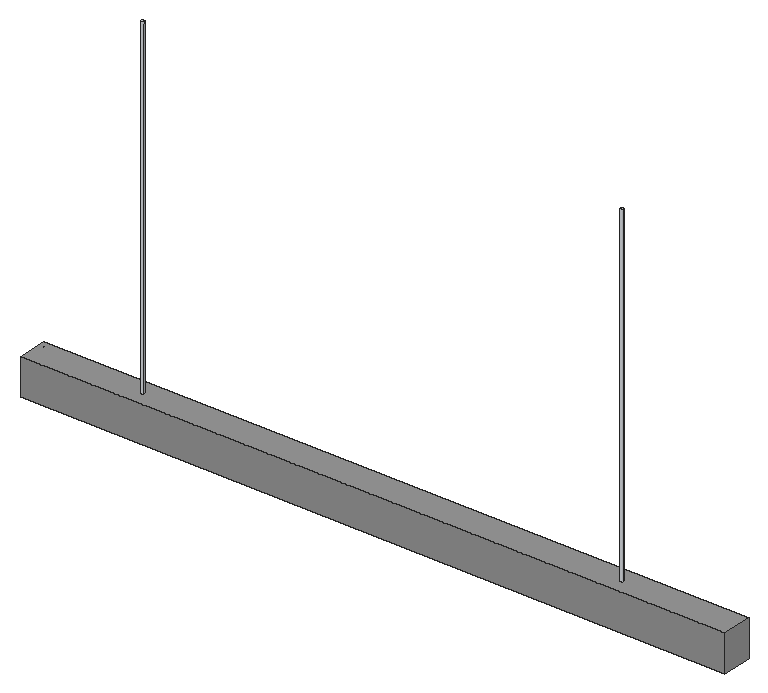
Revit family "HALIMALED_31_1500MM_4000k", category Lighting Fixtures, host Ceiling, Revit 2021
Family settings
  Host = Ceiling
  Round Connector Dimension = Use Diameter
  Part Type = Normal
  OmniClass Number = 23.80.70.11
  OmniClass Title = Luminaries for Internal Lighting
  Always vertical = Yes
  Cut with Voids When Loaded = No
  Light Source = Yes
  Shared = No
  Room Calculation Point = No
Parameters (values of type "Type 1")
  Wattage = 35.0406 W
  built-in parameter 1150110 = 1 (stored number, unit not read)
  Type de lampe = "LED Sanan"
  Type = "Profilé en saillie/suspension"
  built-in parameter 1114217 = 1 (stored number, unit not read)
  Tilt Angle = 90.00°
  Tension = "AC 220-240V"
  built-in parameter 1150109 = 1 (stored number, unit not read)
  built-in parameter 1150134 = 12
  built-in parameter 1150113 = 1 (stored number, unit not read)
  SDCM = "<3"
  Puissance nominale = "50W"
  Photometric Web File = "google_eulumdat_converter (3).ies"
  Matériau = "Aluminium anodisé"
  Maintien du flux = "L80B10 (50 000 heures)"
  Lumens = 5205 lm
  built-in parameter 1150115 = 1 (stored number, unit not read)
  built-in parameter 1150105 = 414.2 (stored number, unit not read)
  built-in parameter 1150137 = (empty or 0)
  built-in parameter 1150139 = (empty or 0)
  built-in parameter 1150112 = 1 (stored number, unit not read)
  built-in parameter 1150114 = 1 (stored number, unit not read)
  built-in parameter 1150132 = 2
  built-in parameter 1150102 = (empty or 0)
  built-in parameter 1150138 = (empty or 0)
  built-in parameter 1150107 = 4000 (stored number, unit not read)
  built-in parameter 1150106 = 4.142 (stored number, unit not read)
  IRC = ">80"
  Fintion = "Blanc"
  Emit from Line Length = 609.6 mm
  built-in parameter 1150104 = 13.8 (stored number, unit not read)
  Durée de vie = "50 000 heures"
  Driver = "Driver Tridonic en version 230V on/off et Boke en DALI"
  Dimming Lamp Color Temperature Shift = <None>
  Dimensions = "63x78 mm, L = 1500 mm"
  Diffuseur = "Capot diffusant microprismatique"
  Default Elevation = 0 mm
  Color Filter = 16777215
  built-in parameter 1114218 = 1 (stored number, unit not read)
  built-in parameter 1150133 = 10 (stored number, unit not read)
  Angle d'éclairage = "90°"
Reference planes
  plane 1 "Light Source Axis (F/B)": y = 0
  plane 2: z = 0
  plane 3 "Light Source Axis (L/R)": x = 0
  plane 4 "Ceiling": z = 4000
  plane 5 "Light Source Elevation": z = 3246.255
Forms (mm)
  Extrusion 1, solid, material "Aluminium anodisé"
    sketch origin (0, 0, 0) x (0, 1, 0) y (0, 0, 1)
      loop
        line (31.5, 3211) -> (31.5, 3289) -> (-31.5, 3289) -> (-31.5, 3211) -> (-26.5, 3211) -> (-26.5, 3286) -> (26.5, 3286) -> (26.5, 3211) -> (31.5, 3211)
    from -750 to 750
  Extrusion 2, solid, material "Aluminium anodisé"
    sketch origin (-745, 0, 0) x (1, 0, 0) y (0, 0, 1)
      loop
        line (1500, 3289) -> (1495, 3289) -> (1495, 3211) -> (1500, 3211) -> (1500, 3289)
      loop
        line (-5, 3289) -> (-5, 3211) -> (3.456, 3211) -> (3.456, 3289) -> (-5, 3289)
    from -31.5 to 31.5
  Extrusion 3, solid, material "Glass, White, High Luminance"
    sketch origin (0, 0, 0) x (1, 0, 0) y (0, 0, 1)
      loop
        line (750, 3211) -> (750, 3214) -> (-750, 3214) -> (-750, 3211) -> (750, 3211)
    from -26.5 to 26.5
  Extrusion 4, solid
    sketch origin (-881.007, 0, 4000) x (0, -1, 0) y (1, 0, 0)
      loop
        circle (0, 1391.423) r 3
    from 0 to -711
  Extrusion 5, solid
    sketch origin (877.785, 0, 4000) x (0, 1, 0) y (-1, 0, 0)
      loop
        circle (0, 1391.423) r 3
    from 0 to -711
Cuts and joins
  joined: Extrusion 1, Extrusion 2
Lines and regions (mm)
  reference lines
    curve 1: line (0, 0, 3250) -> (0, 0, 3289)
    curve 2: line (-1500, 0, 3289) -> (-1500, 0, 3211)
    curve 3: line (0, 0, 3211) -> (0, -31.5, 3211)
    curve 4: line (0, -31.5, 3211) -> (0, -31.5, 3289)
    curve 5: line (0, -31.5, 3289) -> (0, 31.5, 3289)
    curve 6: line (0, 31.5, 3289) -> (0, 31.5, 3211)
    curve 7: line (0, 31.5, 3211) -> (0, 0, 3211)
    curve 8: line (0, 0, 3250) -> (-750, 0, 3250)
    curve 9: line (0, 0, 3250) -> (750, 0, 3250)
Dimensions and locks
  equal spacing: host sketch curve, plane 3 "Light Source Axis (L/R)", host sketch curve
  equal spacing: host sketch curve, plane 1 "Light Source Axis (F/B)", host sketch curve
  host sketch curve to host sketch curve = 4000 mm  (x2)
  plane 4 "Ceiling" to host ceiling = 0 mm
  aligned and locked: plane 1 "Light Source Axis (F/B)" to imposter light
  aligned and locked: plane 5 "Light Source Elevation" to imposter light
